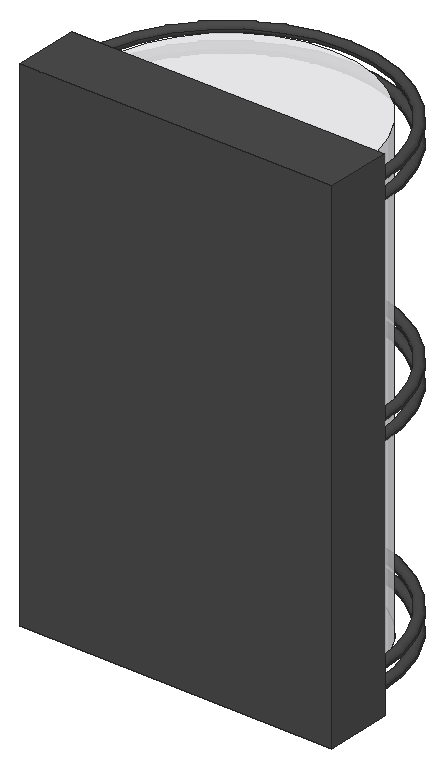
Revit family "TLI - Royal TTB - Wall", category Lighting Fixtures, host Wall, Revit 2014
Parameters (values of type "TBX 1 -  42W - 277V")
  Width = 0' - 8 1/4"
  Wet Location [instance] = yes
  Watts = 42 W
  Wattage = 21.5427 W
  built-in parameter 1150110 = 1 (stored number, unit not read)
  Voltage = 277 V
  URL = "http://teronlighting.com/"
  built-in parameter 1114217 = 0.81 (stored number, unit not read)
  Tilt Angle = 0.00°
  built-in parameter 1150109 = 1 (stored number, unit not read)
  built-in parameter 1150134 = (empty or 0)
  built-in parameter 1150113 = 1 (stored number, unit not read)
  Requires Special Disposal = no
  Remote Battery = no
  Product Page URL = "http://teronlighting.com/products/royal/"
  Product Documentation URL = "http://teronlighting.com/wp-content/uploads/Royal.pdf"
  Product = "Royal TTB"
  Point of Final Manufacture = "Fairfield, OH, USA"
  Photometric Web File = "generic.ies"
  Percentage Pre-Consumer = 0
  Percentage Post-Consumer = 0
  Number of Lamps = 1
  built-in parameter 1150142 = (empty or 0)
  Multi-Tap Ballast [instance] = no
  Mounting Type = "4\" Junction Box"
  Model = "RL - F142X-TTB"
  MasterFormat 2004 Title = "Exterior Lighting"
  MasterFormat 2004 Number = "26.56.00"
  Manufacturer Telephone = "01-513-858-6004"
  Manufacturer Email = "sales@teronlight.com"
  Manufacturer Address = "33 Donald Drive Fairfield, OH 45014"
  Manufacturer = "Teron Lighting"
  Lumens = 3200 lm
  built-in parameter 1150115 = 1 (stored number, unit not read)
  built-in parameter 1150105 = 254.65 (stored number, unit not read)
  built-in parameter 1150137 = (empty or 0)
  built-in parameter 1150139 = 0.81 (stored number, unit not read)
  Length = 1' - 1 1/2"
  built-in parameter 1150112 = 1 (stored number, unit not read)
  built-in parameter 1150114 = 1 (stored number, unit not read)
  Lamp Base = "4-Pin"
  Lamp = "1 - 42W TBX"
  Integral Battery = no
  built-in parameter 1150132 = 2
  built-in parameter 1150102 = 3600
  built-in parameter 1150138 = 4100 (stored number, unit not read)
  built-in parameter 1150107 = 4100 (stored number, unit not read)
  Industry Standards = "ETL"
  built-in parameter 1150106 = 2.5465 (stored number, unit not read)
  Fixture Material = Paint - TLI - Textured Black
  Fixture = "Steel"
  Finish = "Textured Black"
  Emergency Light Fixture [instance] = no
  Electronic Ballast [instance] = yes
  built-in parameter 1150104 = 13.8 (stored number, unit not read)
  Distributor Locations = "USA, Canada, Puerto Rico"
  Dimming Lamp Color Temperature Shift = <None>
  Dimming Ballast [instance] = no
  Diffuser Material = Acrylic - TLI - Luminous White
  Diffuser = "Luminous White Acrylic"
  Description = "Architectectural Outdoor"
  Depth = 0' - 6"
  Date Created = "11.25.2013"
  Created By = "RenderSpec  http://rederspec.com"
  Cost = 0
  Conditions of Use = "Elements are representations. Color and detail may differ from actual product. Information is for general use and should be reviewed by a Professional."
  Color Filter = 16777215
  built-in parameter 1114218 = 1 (stored number, unit not read)
  built-in parameter 1150133 = 10 (stored number, unit not read)
  Apparent Load = 42 VA
  Amps = 1
  ADA Compliant = no
Types (16): name | Watts | Wattage | Voltage | Number of Lamps | Multi-Tap Ballast | Model | Lumens | built-in parameter 1150105 | Lamp | built-in parameter 1150138 | built-in parameter 1150106 | Apparent Load
  QE 1 -  13W - 120V | 13 W | 6.05889 W | 120 V | 1 | yes | "RL - F113Q-TTB" | 900 lm | 71.62 (stored number, unit not read) | "1 - 13W QE" | 4100 (stored number, unit not read) | 0.7162 (stored number, unit not read) | 13 VA
  QE 1 -  13W - 277V | 13 W | 6.05889 W | 277 V | 1 | yes | "RL - F113Q-TTB" | 900 lm | 71.62 (stored number, unit not read) | "1 - 13W QE" | 4100 (stored number, unit not read) | 0.7162 (stored number, unit not read) | 13 VA
  QE 2 -  13W - 120V | 26 W | 1.86479 W | 120 V | 2 | yes | "RL - F213Q-TTB" | 277 lm | 22.043 (stored number, unit not read) | "2 - 18W QE" | 4100 (stored number, unit not read) | 0.22043 (stored number, unit not read) | 26 VA
  QE 2 -  13W - 277V | 26 W | 1.86479 W | 277 V | 2 | yes | "RL - F213Q-TTB" | 277 lm | 22.043 (stored number, unit not read) | "2 - 18W QE" | 4100 (stored number, unit not read) | 0.22043 (stored number, unit not read) | 26 VA
  QE 1 -  18W - 120V | 18 W | 8.41513 W | 120 V | 1 | yes | "RL - F118Q-TTB" | 1250 lm | 99.472 (stored number, unit not read) | "1 - 18W QE" | 2700 (stored number, unit not read) | 0.99472 (stored number, unit not read) | 18 VA
  QE 1 -  18W - 277V | 18 W | 84.1513 W | 277 V | 1 | yes | "RL - F118Q-TTB" | 12500 lm | 994.72 (stored number, unit not read) | "1 - 18W QE" | 2700 (stored number, unit not read) | 9.9472 (stored number, unit not read) | 18 VA
  QE 2 -  18W - 120V | 36 W | 16.8303 W | 120 V | 2 | yes | "RL - F218Q-TTB" | 2500 lm | 198.94 (stored number, unit not read) | "2 - 18W QE" | 2700 (stored number, unit not read) | 1.9894 (stored number, unit not read) | 36 VA
  QE 2 -  18W - 277V | 36 W | 16.8303 W | 277 V | 2 | yes | "RL - F218Q-TTB" | 2500 lm | 198.94 (stored number, unit not read) | "2 - 18W QE" | 2700 (stored number, unit not read) | 1.9894 (stored number, unit not read) | 36 VA
  QE 1 -  26W - 120V | 26 W | 12.1178 W | 120 V | 1 | no | "RL - F126Q -TTB" | 1800 lm | 143.24 (stored number, unit not read) | "1 - 26W QE" | 4100 (stored number, unit not read) | 1.4324 (stored number, unit not read) | 26 VA
  QE 1 -  26W - 277V | 26 W | 12.1178 W | 277 V | 1 | no | "RL - F126Q -TTB" | 1800 lm | 143.24 (stored number, unit not read) | "1 - 26W QE" | 4100 (stored number, unit not read) | 1.4324 (stored number, unit not read) | 26 VA
  QE 2 -  26W - 120V | 52 W | 24.2356 W | 120 V | 2 | no | "RL - F226Q -TTB" | 3600 lm | 286.48 (stored number, unit not read) | "2 - 26W TBX" | 4100 (stored number, unit not read) | 2.8648 (stored number, unit not read) | 52 VA
  QE 2 -  26W - 277V | 52 W | 24.2356 W | 277 V | 2 | no | "RL - F226Q-TTB" | 3600 lm | 286.48 (stored number, unit not read) | "2 - 26W TBX" | 4100 (stored number, unit not read) | 2.8648 (stored number, unit not read) | 52 VA
  TBX 1 -  32W - 120V | 32 W | 16.1571 W | 120 V | 1 | no | "RL - F132X-TTB" | 2400 lm | 190.99 (stored number, unit not read) | "1 - 32W  TBX" | 4100 (stored number, unit not read) | 1.9099 (stored number, unit not read) | 32 VA
  TBX 1 -  32W - 277V | 32 W | 16.1571 W | 277 V | 1 | no | "RL - F132X-TTB" | 2400 lm | 190.99 (stored number, unit not read) | "1 - 32W  TBX" | 4100 (stored number, unit not read) | 1.9099 (stored number, unit not read) | 32 VA
  TBX 1 -  42W - 120V | 42 W | 21.5427 W | 120 V | 1 | no | "RL - F142X-TTB" | 3200 lm | 254.65 (stored number, unit not read) | "1 - 42W TBX" | 4100 (stored number, unit not read) | 2.5465 (stored number, unit not read) | 42 VA
  TBX 1 -  42W - 277V | 42 W | 21.5427 W | 277 V | 1 | no | "RL - F142X-TTB" | 3200 lm | 254.65 (stored number, unit not read) | "1 - 42W TBX" | 4100 (stored number, unit not read) | 2.5465 (stored number, unit not read) | 42 VA
Reference planes (in)
  plane 1: y = 0
  plane 2 "Light Source Axis (L/R)": x = -1.43133
  plane 3 "Light Source Elevation": z = 59.99046
  plane 4: y = 5
Text (in)
  text "Placement Side" at (0, 40.15149, 117.0711), in view "Right"
  text "Placement Side" at (-70.3804, 28.46503, 0), in view "Ref. Level"
  text "Placement Side" at (0, 47.49176, 118.91627), in view "Left"
Dimensions and locks (in)
  host wall to plane 4 = 0' - 2"
  locked: nested 2 to plane 4 at 2
  aligned and locked: plane 2 "Light Source Axis (L/R)" to imposter light
  aligned and locked: plane 3 "Light Source Elevation" to imposter light
  aligned and locked: nested 1 to plane 2 "Light Source Axis (L/R)"
  aligned and locked: nested 1 to host wall
Nested families (in)
  nested 1: "Wall Mounted Light Fixture" at (-1.43133, 3, 0), Emergency Light Fixture <- "Emergency Light Fixture", type "Wall Mounted Light Fixture"
    with Emergency Light Fixture no
  nested 2: "Royal TTB" at (-1.43133, 3, 60.03469), type "Royal TTB"
Connectors (in)
  electrical at (-1.43133, 3, 59.97219), driven by "Apparent Load", driven by "Voltage"
    settings: on nested 2, index 1, voltage 277 V, apparent load 42 VA, apparent load phase1 0 VA, apparent load phase2 0 VA, apparent load phase3 0 VA, power factor 1, load classification "Other", number of poles 1, system type 30, power factor state 1, is connector primary yes, connector utility no, sub classification motor no, connector description ""
Definition of nested family "Royal TTB"
  Parameters (values of type "Royal TTB")
    Fixture Material = none
    Diffuser Material = none
  Reference planes (in)
    plane 1 "Center (Front/Back)": y = 0
    plane 2: z = 0
    plane 3 "Center (Left/Right)": x = 0
  Forms (in)
    Extrusion 1, solid, material <- "Fixture Material"
      sketch origin (-4.92126, -3.11303, 3.25) x (1, 0, 0) y (0, 1, 0)
        loop
          line (0.73376, 3.11303) -> (9.10876, 3.11303) -> (9.10876, 4.86865) -> (0.73376, 4.86865) -> (0.73376, 3.11303)
      from -10.0625 to 3.4375
    Sweep 2, solid, material <- "Fixture Material"
      path origin (-4.92126, -3.19714, 6.16989) x (1, 0, 0) y (0, 1, 0)
        loop
          arc (8.92126, 4.95276) -> (4.92126, 8.95276) -> (0.92126, 4.95276) r 4
      profile origin (0, 5.75562, 6.16989) x (0, -1, 0) y (0, 0, 1)
        loop
          circle (0, -0.125) r 0.125
    Extrusion 3, solid, material <- "Diffuser Material"
      sketch origin (-4.92126, -3.19714, 3.25) x (1, 0, 0) y (0, 1, 0)
        loop
          line (1.42126, 4.95276) -> (8.42126, 4.95276)
          arc (8.42126, 4.95276) -> (4.92126, 8.45276) -> (1.42126, 4.95276) r 3.5
      from 2.91379 to -9.55574
    Sweep 4, solid, material <- "Fixture Material"
      path origin (-4.92126, -3.19714, -6.05741) x (1, 0, 0) y (0, 1, 0)
        loop
          arc (8.92126, 4.95276) -> (4.92126, 8.95276) -> (0.92126, 4.95276) r 4
      profile origin (0, 5.75562, -6.05741) x (0, -1, 0) y (0, 0, 1)
        loop
          circle (0, -0.125) r 0.125
    Sweep 5, solid, material <- "Fixture Material"
      path origin (-4.92126, -3.19714, 5.67402) x (1, 0, 0) y (0, 1, 0)
        loop
          arc (8.92126, 4.95276) -> (4.92126, 8.95276) -> (0.92126, 4.95276) r 4
      profile origin (0, 5.75562, 5.67402) x (0, -1, 0) y (0, 0, 1)
        loop
          circle (0, -0.125) r 0.125
    Sweep 6, solid, material <- "Fixture Material"
      path origin (-4.92126, -3.19714, -5.56173) x (1, 0, 0) y (0, 1, 0)
        loop
          arc (8.92126, 4.95276) -> (4.92126, 8.95276) -> (0.92126, 4.95276) r 4
      profile origin (0, 5.75562, -5.56173) x (0, -1, 0) y (0, 0, 1)
        loop
          circle (0, -0.125) r 0.125
    Sweep 7, solid, material <- "Fixture Material"
      path origin (-4.92126, -3.19714, -0.10803) x (1, 0, 0) y (0, 1, 0)
        loop
          arc (8.92126, 4.95276) -> (4.92126, 8.95276) -> (0.92126, 4.95276) r 4
      profile origin (0, 5.75562, -0.10803) x (0, -1, 0) y (0, 0, 1)
        loop
          circle (0, -0.125) r 0.125
    Sweep 8, solid, material <- "Fixture Material"
      path origin (-4.92126, -3.19714, 0.38765) x (1, 0, 0) y (0, 1, 0)
        loop
          arc (8.92126, 4.95276) -> (4.92126, 8.95276) -> (0.92126, 4.95276) r 4
      profile origin (0, 5.75562, 0.38765) x (0, -1, 0) y (0, 0, 1)
        loop
          circle (0, -0.125) r 0.125
  Dimensions and locks (in)
    aligned and locked: plane 2 to level
Definition of nested family "Wall Mounted Light Fixture"
  Parameters (values of type "Wall Mounted Light Fixture")
    Emergency Light Fixture [instance] = no
  Reference planes (in)
    plane 1: y = 0
    plane 2: x = 0
  Lines and regions (in)
    detail lines, built-in parameter 1006310 <- "Emergency Light Fixture"
      curve 1: circle (0, 0.125, 0) r 0.0625 normal (0, 0, 1)
    detail lines
      curve 2: line (-0.0625, 0, 0) -> (0.0625, 0, 0)
      curve 3: line (0, 0, 0) -> (0, 0.0625, 0)
